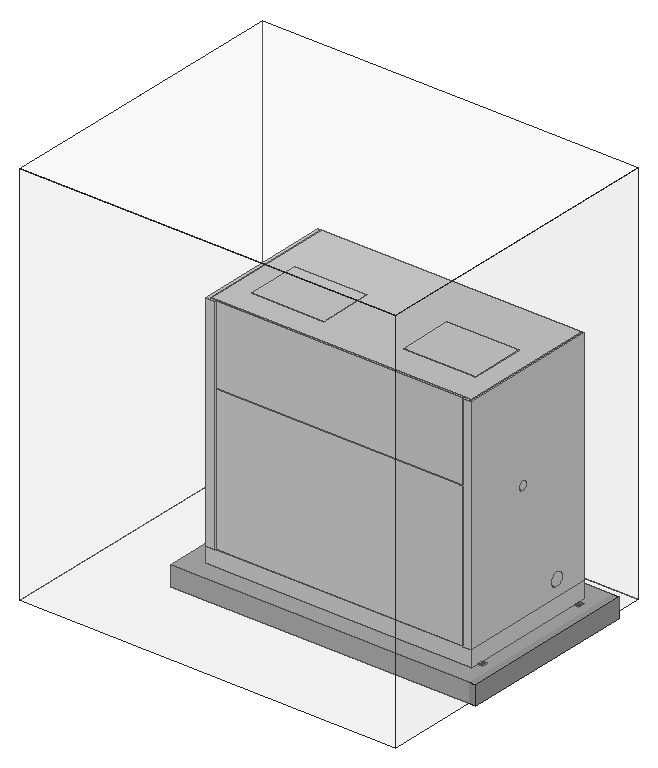
Revit family "pfav-p80_1600dmj1_3_60Hz", category 機械設備, Revit 2019
Family settings
  丸型コネクタ寸法 = 直径を使用
  パーツ タイプ = 標準
  OmniClass 番号 = 23.75.10.24.21.27.27
  OmniClass タイトル = Split System Air Conditioning Units
  作業面ベース = いいえ
  常に垂直 = はい
  ロード時にボイドで切り取り = いいえ
  共有 = いいえ
  部屋計算ポイント = いいえ
Parameters (values of type "PFAV-P1400DMJ3")
  風量（m3／min） = 450
  風量 = MAX風量  # 27000.0 m³/h
  音響パワーレベル(dB) = 77
  電源種別 = ""
  電圧_電気ヒーター = 0 V
  電圧 = 200 V
  電動機出力_送風機 = 15000 W
  電動機出力_圧縮機 = 0 W
  運転質量 = 0.00 kg
  連動 = ""
  質量 = if(製品質量 > 運転質量, 製品質量, 運転質量) * 1.2  # 778.80 kg
  負荷分類 = 3_ファン類
  説明 = "設備用パッケージエアコン 空冷床置形・冷暖兼用 ファシレアＤＤ"
  設計暖房能力 [instance] = 0 kW
  設計冷房能力_顕熱 [instance] = 0 kW
  設計冷房能力 [instance] = 0 kW
  設置方法 = "床置形"
  記号 [instance] = ""
  製造元 = "三菱電機株式会社"
  製品質量 = 649.00 kg
  製品出荷対象 = "国内"
  製品リリース年月 = "2024年5月13日"
  製品グループ = ""
  系統 [instance] = ""
  符号 = "PAC-FRV(J)"
  積算_科目 = "1 空気調和設備"
  積算_拾い区分 [instance] = ""
  相_電気ヒーター = 1
  相 = 3
  盤記号 [instance] = ""
  発停方法 = ""
  特殊仕様 [instance] = ""
  火災停止 = ""
  消費電力_電気ヒーター = 0 W
  消費電力_暖房 = 6090 W
  消費電力_加湿器 = 0 W
  消費電力_冷房 = 6090 W
  消費電力 = if(消費電力_冷房 > 消費電力_暖房, 消費電力_冷房, 消費電力_暖房) + 消費電力_加湿器 + 消費電力_電気ヒーター  # 6090 W
  法定耐用年数 = "15"
  機械基礎質量 [instance] = 0.00 kg
  機械基礎_W = 0 mm
  機械基礎_H = 150 mm
  機械基礎_D = 0 mm
  機械基礎 [instance] = no
  機外静圧 = 100.0 Pa
  極数 = 3
  材質 [instance] = ""
  本体マテリアル = none
  有効加湿量 = 0
  最小電線太さ_mm2 = 14
  最大電流値 = 42 A
  暖房能力 = 140 kW
  推奨ブレーカー容量 = 75 A
  形式_加湿器 = ""
  形式 = "床置（露出）立形"
  形名 = PFAV-P-DMJ : PFAV-P1400DMJ3
  幹線記号 [instance] = ""
  始動方式 = "直入"
  呼称 = "パッケージ形空気調和機_室内機"
  周波数 = 60 Hz
  台数_手元リモコン [instance] = ""
  台数_冷媒分岐ユニット [instance] = ""
  参照している仕様書等のバージョン = "公共建築工事標準仕様書（機械設備工事編）平成31年度版"
  加湿給水管径 = 43.00 mm
  分類コード = "50053003023020"
  分類グループ = ""
  冷房能力 = 122 kW
  冷媒高低圧ガス管径 = 0.00 mm
  冷媒管径符号 = "Ek"
  冷媒管径 = 100.00 mm
  冷媒液管径 = 19.05 mm
  冷媒ガス管径 = 38.10 mm
  価格 = 0
  企業コード = "108420"
  付属品_フィルター = ""
  付属品 [instance] = ""
  仕様書バージョン = "Version1.0"
  モデル = "PFAV-P1400DMJ3"
  ドレン管径 = 42.70 mm
  ダクト高 = 416 mm
  ダクト幅 = 554 mm
  サービススペース = yes
  コメント [instance] = ""
  Keynote = ""
  Width = 2045 mm
  Version = ""
  Uniclass2015Version = "Systems v1.9"
  Uniclass2015Title = "Split coil remote air cooled condensing units"
  Uniclass2015Code = "Pr_70_65_03_84"
  URL = "https://www.mitsubishielectric.co.jp/ldg/wink/qr/002/333196/"
  S寸法 = 150 mm
  SpecificationReference = ""
  SpecificationDescription = ""
  Revision = ""
  ProductInformation = ""
  OmniClassCode = "23-33 17 13 11"
  MAX風量 = 風量（m3／min） * 60.0 m³/h  # 27000.0 m³/h
  IfcTypeProduct = ""
  IfcProduct = ""
  IfcExportType = "AIRCONDITIONINGUNIT"
  IfcExportAs = "IfcUnitaryEquipmentType"
  Height = 1830 mm
  Depth = 1081 mm
  Clearance Top = 1000 mm
  Clearance Right = 100 mm
  Clearance Left = 750 mm
  Clearance Front = 850 mm
  Clearance Back = 400 mm
  COP = 0
  Author = "三菱電機株式会社"
  APF = 0
Types (11, lengths in mm): name | 風量（m3／min） | 風量 | 音響パワーレベル(dB) | 電動機出力_送風機 | 質量 | 製品質量 | 製品リリース年月 | 消費電力_暖房 | 消費電力_冷房 | 消費電力 | 機外静圧 | 最小電線太さ_mm2 | 最大電流値 | 暖房能力 | 推奨ブレーカー容量 | 形名 | 冷房能力 | 冷媒管径符号 | 冷媒液管径 | 冷媒ガス管径 | モデル | ドレン管径 | ダクト高 | ダクト幅 | Width | URL | MAX風量 | Height | Depth | Clearance Left | Clearance Front | Clearance Back
  PFAV-P80DMJ1 | 27 | 1620.0 m³/h | 61 | 1200 W | 145.20 kg | 121.00 kg | "2017年4月18日" | 150 W | 150 W | 150 W | 30.0 Pa | 1.6 | 5 A | 8 kW | 15 A | PFAV-P-DMJ : PFAV-P80DMJ1 | 7.1 kW | "Bd" | 9.52 | 15.88 | "PFAV-P80DMJ1" | 34.00 | 294 | 343 | 760 | "https://www.mitsubishielectric.co.jp/ldg/wink/ssl/displayProduct.do?pid=278603" | 1620.0 m³/h | 1730 | 485 | 100 | 800 | 50
  PFAV-P280DMJ3 | 90 | 5400.0 m³/h | 76 | 1200 W | 168.00 kg | 140.00 kg | "2024年5月13日" | 1150 W | 1150 W | 1150 W | 30.0 Pa | 1.6 | 5.8 A | 28 kW | 15 A | PFAV-P-DMJ : PFAV-P280DMJ3 | 25 kW | "Bf" | 9.52 | 22.20 | "PFAV-P280DMJ3" | 34.00 | 294 | 675 | 980 | "https://www.mitsubishielectric.co.jp/ldg/wink/qr/002/333190/" | 5400.0 m³/h | 1730 | 485 | 100 | 800 | 50
  PFAV-P450DMJ3 | 140 | 8400.0 m³/h | 75 | 2400 W | 288.00 kg | 240.00 kg | "2024年5月13日" | 1310 W | 1310 W | 1310 W | 30.0 Pa | 1.6 | 9.7 A | 45 kW | 15 A | PFAV-P-DMJ : PFAV-P450DMJ3 | 40 kW | "Ch" | 12.70 | 28.58 | "PFAV-P450DMJ3" | 34.00 | 444 | 1006 | 1200 | "https://www.mitsubishielectric.co.jp/ldg/wink/qr/002/333191/" | 8400.0 m³/h | 1897 | 635 | 100 | 800 | 50
  PFAV-P140DMJ1 | 45 | 2700.0 m³/h | 68 | 1200 W | 163.20 kg | 136.00 kg | "2017年4月18日" | 410 W | 410 W | 410 W | 30.0 Pa | 1.6 | 5 A | 14 kW | 15 A | PFAV-P-DMJ : PFAV-P140DMJ1 | 12.5 kW | "Bd" | 9.52 | 15.88 | "PFAV-P140DMJ1" | 34.00 | 294 | 343 | 760 | "https://www.mitsubishielectric.co.jp/ldg/wink/ssl/displayProduct.do?pid=278604" | 2700.0 m³/h | 1730 | 485 | 100 | 800 | 50
  PFAV-P224DMJ3 | 65 | 3900.0 m³/h | 68 | 1200 W | 163.20 kg | 136.00 kg | "2024年5月13日" | 510 W | 510 W | 510 W | 30.0 Pa | 1.6 | 5.8 A | 22.4 kW | 15 A | PFAV-P-DMJ : PFAV-P224DMJ3 | 20 kW | "Be" | 9.52 | 19.05 | "PFAV-P224DMJ3" | 34.00 | 294 | 675 | 980 | "https://www.mitsubishielectric.co.jp/ldg/wink/qr/002/333189/" | 3900.0 m³/h | 1730 | 485 | 100 | 800 | 50
  PFAV-P560DMJ3 | 165 | 9900.0 m³/h | 78 | 2400 W | 288.00 kg | 240.00 kg | "2024年5月13日" | 1690 W | 1690 W | 1690 W | 30.0 Pa | 1.6 | 9.7 A | 56 kW | 15 A | PFAV-P-DMJ : PFAV-P560DMJ3 | 50 kW | "Dh" | 15.88 | 28.58 | "PFAV-P560DMJ3" | 34.00 | 444 | 1006 | 1200 | "https://www.mitsubishielectric.co.jp/ldg/wink/qr/002/333192/" | 9900.0 m³/h | 1897 | 635 | 100 | 800 | 50
  PFAV-P670DMJ3 | 210 | 12600.0 m³/h | 77 | 7500 W | 508.80 kg | 424.00 kg | "2024年5月13日" | 2140 W | 2140 W | 2140 W | 100.0 Pa | 5.5 | 21 A | 63 kW | 40 A | PFAV-P-DMJ : PFAV-P670DMJ3 | 63 kW | "Dh" | 15.88 | 28.58 | "PFAV-P670DMJ3" | 42.70 | 416 | 554 | 1750 | "https://www.mitsubishielectric.co.jp/ldg/wink/qr/002/333193/" | 12600.0 m³/h | 1830 | 1081 | 750 | 800 | 400
  PFAV-P800DMJ3 | 260 | 15600.0 m³/h | 82 | 7500 W | 516.00 kg | 430.00 kg | "2024年5月13日" | 3640 W | 3640 W | 3640 W | 100.0 Pa | 5.5 | 21 A | 80 kW | 40 A | PFAV-P-DMJ : PFAV-P800DMJ3 | 71 kW | "Ei" | 19.05 | 31.75 | "PFAV-P800DMJ3" | 42.70 | 416 | 554 | 1750 | "https://www.mitsubishielectric.co.jp/ldg/wink/qr/002/333194/" | 15600.0 m³/h | 1830 | 1081 | 750 | 800 | 400
  PFAV-P1120DMJ3 | 340 | 20400.0 m³/h | 85 | 11000 W | 574.80 kg | 479.00 kg | "2024年5月13日" | 5960 W | 5960 W | 5960 W | 100.0 Pa | 8 | 32.4 A | 112 kW | 50 A | PFAV-P-DMJ : PFAV-P1120DMJ3 | 100 kW | "Ek" | 19.05 | 38.10 | "PFAV-P1120DMJ3" | 42.70 | 416 | 554 | 1750 | "https://www.mitsubishielectric.co.jp/ldg/wink/qr/002/333195/" | 20400.0 m³/h | 1830 | 1081 | 750 | 800 | 400
  PFAV-P1400DMJ3 | 450 | 27000.0 m³/h | 77 | 15000 W | 778.80 kg | 649.00 kg | "2024年5月13日" | 6090 W | 6090 W | 6090 W | 100.0 Pa | 14 | 42 A | 140 kW | 75 A | PFAV-P-DMJ : PFAV-P1400DMJ3 | 122 kW | "Ek" | 19.05 | 38.10 | "PFAV-P1400DMJ3" | 42.70 | 416 | 554 | 2045 | "https://www.mitsubishielectric.co.jp/ldg/wink/qr/002/333196/" | 27000.0 m³/h | 1830 | 1081 | 750 | 850 | 400
  PFAV-P1600DMJ3 | 520 | 31200.0 m³/h | 79 | 22000 W | 866.40 kg | 722.00 kg | "2024年5月13日" | 8420 W | 8420 W | 8420 W | 100.0 Pa | 22 | 64.8 A | 160 kW | 75 A | PFAV-P-DMJ : PFAV-P1600DMJ3 | 140 kW | "Ei" | 19.05 | 31.75 | "PFAV-P1600DMJ3" | 42.70 | 416 | 554 | 2045 | "https://www.mitsubishielectric.co.jp/ldg/wink/qr/002/333197/" | 31200.0 m³/h | 1830 | 1081 | 750 | 850 | 400
Reference planes
  plane 1: z = 0
  plane 2: z = 1980
  plane 3: z = 150
  plane 4: z = 2980
  plane 5 "中心(正面/背面)": y = -540.5
  plane 6 "中心(左/右)": x = 0
  plane 7 "左": x = -1022.5
  plane 8 "右": x = 1022.5
  plane 9 "正面": y = -1081
  plane 10 "背面": y = 0
  plane 11: y = 150
  plane 12: x = -1172.5
  plane 13: y = -1231
  plane 14: y = 400
  plane 15: y = -1931
  plane 16: x = -1772.5
  plane 17: x = 1122.5
  plane 18: x = 1172.5
Dimensions and locks
  "Height": plane 2 to plane 3
  "Clearance Top": plane 4 to plane 2
  "機械基礎_H": plane 3 to plane 1
  equal spacing: plane 7 "左", plane 6 "中心(左/右)", plane 8 "右"
  "Width": plane 7 "左" to plane 8 "右"
  equal spacing: plane 9 "正面", plane 5 "中心(正面/背面)", plane 10 "背面"
  "Depth": plane 9 "正面" to plane 10 "背面"
  "S寸法": plane 10 "背面" to plane 11
  "S寸法": plane 13 to plane 9 "正面"
  "S寸法": plane 12 to plane 7 "左"
  "Clearance Left": plane 16 to plane 7 "左"
  "Clearance Right": plane 8 "右" to plane 17
  "Clearance Front": plane 15 to plane 9 "正面"
  "Clearance Back": plane 10 "背面" to plane 14
  "S寸法": plane 8 "右" to plane 18
  nested 3 to plane 8 "右" = 175 mm
  nested 3 to plane 10 "背面" = 410 mm
  aligned and locked: level to plane 1
  aligned and locked: plane 13 to nested 1
  aligned and locked: plane 12 to nested 1
  aligned and locked: plane 11 to nested 1
  aligned and locked: plane 17 to nested 2
  aligned and locked: nested 2 to plane 15
  aligned and locked: nested 2 to plane 16
  aligned and locked: nested 2 to plane 14
  aligned and locked: plane 18 to nested 1
  aligned and locked: plane 4 to nested 2
  aligned and locked: plane 6 "中心(左/右)" to nested 3
  aligned and locked: plane 5 "中心(正面/背面)" to nested 3
Nested families
  nested 1: "機械基礎" at (0, -540.5, 0), type "機械基礎", detail levels fine
    with 機械基礎質量 184.68 kg, 機械基礎_W 2345 mm, 機械基礎_H 150 mm, 機械基礎_D 1381 mm
  nested 2: "サービススペース(PFAV-P-DMJ)" at (-325, -765.5, 1490), visible <- "サービススペース", type "サービススペース(PFAV-P-DMJ)"
    with Width 2895 mm, Height 2980 mm, Depth 2331 mm
  nested 3: "PFAV-P-DMJ" at (0, -540.5, 150), type <- "形名", マテリアル1 <- "本体マテリアル", type "PFAV-P1400DMJ3"
    with 表示 yes, マテリアル2 none, マテリアル1 none
Connectors
  electrical at (1025.5, -592, 1190), driven by "極数", driven by "負荷分類", driven by "電圧", driven by "消費電力"
    settings: on nested 3, index 3, voltage 200 V, apparent load 6090 VA, apparent load phase1 0 VA, apparent load phase2 0 VA, apparent load phase3 0 VA, power factor 1, load classification "3_ファン類", number of poles 3, system type 30, power factor state 1, is connector primary yes, connector utility no, sub classification motor no, connector description ""
  piping at (-1025.5, -265.5, 400), diameter 100, driven by "冷媒管径", driven by "冷媒管径符号"
    settings: on nested 3, index 4, connector inside diameter 609.60 mm, connector length 0 mm, flow factor 0, pipe flow 0.0 L/s, pressure drop 0.0 Pa, fitting loss kfactor 0, connector angle 0.00°, fixture units 0, engagement length 0 mm, angle of deflection 0.00°, flow configuration 1, flow direction 1, fitting loss method 4, system type 7, joint type 0, gender type 0, connector reference index -1, connector utility 0, adjustable connector no, is connector primary yes, connector description "Ek"
  piping at (-1025.5, -465.5, 400), diameter 100, driven by "冷媒管径", driven by "冷媒管径符号"
    settings: on nested 3, index 5, connector inside diameter 609.60 mm, connector length 0 mm, flow factor 0, pipe flow 0.0 L/s, pressure drop 0.0 Pa, fitting loss kfactor 0, connector angle 0.00°, fixture units 0, engagement length 0 mm, angle of deflection 0.00°, flow configuration 1, flow direction 1, fitting loss method 4, system type 7, joint type 0, gender type 0, connector reference index -1, connector utility 0, adjustable connector no, is connector primary no, connector description "Ek"
  piping at (-0.5, 1, 190), diameter 42.7, driven by "ドレン管径"
    settings: on nested 3, index 7, connector inside diameter 609.60 mm, connector length 0 mm, flow factor 0, pipe flow 0.0 L/s, pressure drop 0.0 Pa, fitting loss kfactor 0, connector angle 0.00°, fixture units 0, engagement length 0 mm, angle of deflection 0.00°, flow configuration 1, flow direction 2, fitting loss method 4, system type 16, joint type 0, gender type 0, connector reference index -1, connector utility 0, adjustable connector no, is connector primary no, connector description ""
  piping at (1025.5, -265.5, 400), diameter 100, driven by "冷媒管径", driven by "冷媒管径符号"
    settings: on nested 3, index 8, connector inside diameter 609.60 mm, connector length 0 mm, flow factor 0, pipe flow 0.0 L/s, pressure drop 0.0 Pa, fitting loss kfactor 0, connector angle 0.00°, fixture units 0, engagement length 0 mm, angle of deflection 0.00°, flow configuration 1, flow direction 1, fitting loss method 4, system type 7, joint type 0, gender type 0, connector reference index -1, connector utility 0, adjustable connector no, is connector primary no, connector description "Ek"
  piping at (1022.5, -465.5, 400), diameter 100, driven by "冷媒管径", driven by "冷媒管径符号"
    settings: on nested 3, index 9, connector inside diameter 609.60 mm, connector length 0 mm, flow factor 0, pipe flow 0.0 L/s, pressure drop 0.0 Pa, fitting loss kfactor 0, connector angle 0.00°, fixture units 0, engagement length 0 mm, angle of deflection 0.00°, flow configuration 1, flow direction 1, fitting loss method 4, system type 7, joint type 0, gender type 0, connector reference index -1, connector utility 0, adjustable connector no, is connector primary no, connector description "Ek"
  piping at (-1023.5, -314, 190), diameter 42.7, driven by "ドレン管径"
    settings: on nested 3, index 11, connector inside diameter 609.60 mm, connector length 0 mm, flow factor 0, pipe flow 0.0 L/s, pressure drop 0.0 Pa, fitting loss kfactor 0, connector angle 0.00°, fixture units 0, engagement length 0 mm, angle of deflection 0.00°, flow configuration 1, flow direction 2, fitting loss method 4, system type 16, joint type 0, gender type 0, connector reference index -1, connector utility 0, adjustable connector no, is connector primary no, connector description ""
  hvac at (570.5, -618, 1981), driven by "ダクト高", driven by "ダクト幅", driven by "機外静圧", driven by "風量"
    settings: on nested 3, index 12, duct flow 27000.0 m³/h, flow factor 0, pres drop 100.0 Pa, loss coef 0, conn angle 0.00°, conn width 554 mm, conn height 416 mm, conn diameter 609.6 mm, duct sys type 1, conn prof type 1, flow config 1, flow direction 2, loss method 4, conn ref index -1, conn util no, is conn primary yes, conn desc ""
  hvac at (-566.5, -659, 1981), driven by "ダクト高", driven by "ダクト幅", driven by "機外静圧", driven by "風量"
    settings: on nested 3, index 13, duct flow 27000.0 m³/h, flow factor 0, pres drop 100.0 Pa, loss coef 0, conn angle 0.00°, conn width 554 mm, conn height 416 mm, conn diameter 609.6 mm, duct sys type 1, conn prof type 1, flow config 1, flow direction 2, loss method 4, conn ref index -1, conn util no, is conn primary no, conn desc ""
Definition of nested family "機械基礎"
  Parameters (values of type "機械基礎")
    機械基礎質量 [instance] = 0.00 kg
    機械基礎_W [instance] = 1300 mm
    機械基礎_H [instance] = 150 mm
    機械基礎_D [instance] = 1300 mm
  Reference planes
    plane 1 "中心(正面/背面)": y = 0
    plane 2: z = 0
    plane 3 "中心(左/右)": x = 0
    plane 4: x = -650
    plane 5: y = -650
    plane 6: x = 650
    plane 7: y = 650
    plane 8: z = 150
  Forms (mm)
    Extrusion 1, solid, detail levels fine
      sketch origin (0, 0, 0) x (1, 0, 0) y (0, 1, 0)
        loop
          line (-650, -650) -> (650, -650) -> (650, 650) -> (-650, 650) -> (-650, -650)
      from 0 to 150
  Lines and regions (mm)
    symbolic lines, detail levels fine
      curve 1: line (-650, 650, 0) -> (650, 650, 0)
      curve 2: line (-650, -650, 0) -> (-650, 650, 0)
      curve 3: line (650, -650, 0) -> (-650, -650, 0)
      curve 4: line (650, 650, 0) -> (650, -650, 0)
    symbolic lines
      curve 5: line (-650, 0, 150) -> (650, 0, 150)
      curve 6: line (-650, 0, 0) -> (-650, 0, 150)
      curve 7: line (650, 0, 0) -> (-650, 0, 0)
      curve 8: line (650, 0, 150) -> (650, 0, 0)
      curve 9: line (0, -650, 150) -> (0, 650, 150)
      curve 10: line (0, -650, 0) -> (0, -650, 150)
      curve 11: line (0, 650, 0) -> (0, -650, 0)
      curve 12: line (0, 650, 150) -> (0, 650, 0)
  Dimensions and locks
    "機械基礎_H": plane 8 to plane 2
    "機械基礎_W": plane 4 to plane 6
    "機械基礎_D": plane 5 to plane 7
    equal spacing: plane 5, plane 1 "中心(正面/背面)", plane 7
    equal spacing: plane 4, plane 3 "中心(左/右)", plane 6
    aligned and locked: plane 6 to Extrusion 1
    aligned and locked: Extrusion 1 to plane 4
    aligned and locked: Extrusion 1 to plane 7
    aligned and locked: Extrusion 1 to plane 5
    aligned and locked: plane 8 to Extrusion 1
    aligned and locked: curve 1 to Extrusion 1
    aligned and locked: curve 2 to Extrusion 1
    aligned and locked: curve 3 to Extrusion 1
    aligned and locked: curve 4 to Extrusion 1
    aligned and locked: curve 5 to Extrusion 1
    aligned and locked: curve 6 to Extrusion 1
    aligned and locked: curve 7 to Extrusion 1
    aligned and locked: curve 8 to Extrusion 1
    aligned and locked: curve 9 to Extrusion 1
    aligned and locked: curve 10 to Extrusion 1
    aligned and locked: curve 11 to Extrusion 1
    aligned and locked: curve 12 to Extrusion 1
  Automatic sketch dimensions
    Extrusion 1 sketch curve to plane 4 = 0 mm
    Extrusion 1 sketch curve to plane 6 = 0 mm
    plane 5 to Extrusion 1 sketch curve = 0 mm
    plane 7 to Extrusion 1 sketch curve = 0 mm
Definition of nested family "サービススペース(PFAV-P-DMJ)"
  Parameters (values of type "サービススペース")
    Width [instance] = 500 mm
    Height [instance] = 500 mm
    Depth [instance] = 500 mm
  Reference planes
    plane 1 "中心(正面/背面)": y = 0
    plane 2: z = 0
    plane 3 "中心(左/右)": x = 0
    plane 4: y = -250
    plane 5: x = 250
    plane 6: y = 250
    plane 7: x = -250
    plane 8: z = 250
    plane 9: z = -250
  Forms (mm)
    Extrusion 1, solid
      sketch origin (-638.939, 0, 72.39) x (1, 0, 0) y (0, 1, 0)
        loop
          line (388.939, 250) -> (388.939, -250) -> (888.939, -250) -> (888.939, 250) -> (388.939, 250)
      from -322.39 to 177.61
  Lines and regions (mm)
    symbolic lines
      curve 1: line (-250, 0, 250) -> (250, 0, 250)
      curve 2: line (-250, 0, -250) -> (-250, 0, 250)
      curve 3: line (250, 0, -250) -> (-250, 0, -250)
      curve 4: line (250, 0, 250) -> (250, 0, -250)
      curve 5: line (0, -250, 250) -> (0, 250, 250)
      curve 6: line (0, -250, -250) -> (0, -250, 250)
      curve 7: line (0, 250, -250) -> (0, -250, -250)
      curve 8: line (0, 250, 250) -> (0, 250, -250)
      curve 9: line (-250, 250, 0) -> (250, 250, 0)
      curve 10: line (-250, -250, 0) -> (-250, 250, 0)
      curve 11: line (250, -250, 0) -> (-250, -250, 0)
      curve 12: line (250, 250, 0) -> (250, -250, 0)
  Dimensions and locks
    equal spacing: plane 7, plane 3 "中心(左/右)", plane 5
    equal spacing: plane 4, plane 1 "中心(正面/背面)", plane 6
    "Depth": plane 4 to plane 6
    "Width": plane 7 to plane 5
    equal spacing: plane 8, plane 2, plane 9
    "Height": plane 8 to plane 9
    aligned and locked: plane 9 to curve 3
    aligned and locked: plane 7 to curve 2
    aligned and locked: curve 4 to plane 5
    aligned and locked: plane 5 to Extrusion 1
    aligned and locked: Extrusion 1 to plane 7
    aligned and locked: Extrusion 1 to plane 9
    aligned and locked: plane 8 to Extrusion 1
    aligned and locked: plane 9 to curve 7
  Automatic sketch dimensions
    plane 4 to Extrusion 1 sketch curve = 0 mm
    Extrusion 1 sketch curve to plane 7 = 0 mm
    Extrusion 1 sketch curve to plane 5 = 0 mm
    plane 6 to Extrusion 1 sketch curve = 0 mm
    curve 2 to plane 8 = 0 mm
    plane 4 to curve 11 = 0 mm
    curve 11 to plane 7 = 0 mm
    curve 11 to plane 5 = 0 mm
    plane 6 to curve 10 = 0 mm
    curve 7 to plane 4 = 0 mm
    curve 7 to plane 6 = 0 mm
    curve 6 to plane 8 = 0 mm
Definition of nested family "PFAV-P-DMJ"
  Parameters (values of type "PFAV-P1600DMJ3")
    液径 = 19.05 mm
    液②-D = 673 mm
    液-W = 0 mm
    液-H = 255 mm
    液①-D = 863 mm
    吹出口表示 = yes
    冷媒配管② = yes
    冷媒径 = 100 mm
    ドレン② = yes
    ドレン① = no
    ガス②-D = 769 mm
    ①高 = 1830 mm
    電源径 = 62 mm
    電源-W = 0 mm
    電源-H = 1040 mm
    電源-D = 489 mm
    表示 [instance] = yes
    ①幅 = 2045 mm
    ①奥行 = 1081 mm
    吊りボルト径 = 20 mm
    吊りボルト-W = 2101 mm
    吊りボルト-D = 931 mm
    吊りボルト-H = 0 mm
    ガス径 = 31.75 mm
    ガス-W = 0 mm
    ガス-H = 245 mm
    ガス①-D = 958 mm
    マテリアル2 [instance] = none
    マテリアル1 [instance] = none
    ドレン径 = 42.7 mm
    ドレン-W = 1023 mm
    ドレン-H = 40 mm
    ドレン-D = 314 mm
    w = 554 mm
    k = 451 mm
    j = 583 mm
    h = 1 mm
    f = 0 mm
    e = 600 mm
    c = 3 mm
    d = 416 mm
    b = 175 mm
    a = 410 mm
  Types (11, lengths in mm): name | 液径 | 液②-D | 液-H | 液①-D | 吹出口表示 | 冷媒配管② | ドレン② | ドレン① | ガス②-D | ①高 | 電源径 | 電源-H | 電源-D | ①幅 | ①奥行 | 吊りボルト径 | 吊りボルト-W | 吊りボルト-D | ガス径 | ガス-H | ガス①-D | ドレン径 | ドレン-W | ドレン-H | ドレン-D | w | k | j | h | c | d | b | a
    PFAV-P80DMJ1 | 9.52 | 49 | 172 | 249 | no | no | no | yes | 49 | 1730 | 27 | 262 | 326 | 760 | 485 | 12 | 806 | 300 | 15.88 | 262 | 249 | 34 | 200 | 54 | 240 | 343 | 19 | 0 | 20 | 10 | 294 | 236 | 42
    PFAV-P140DMJ1 | 9.52 | 49 | 172 | 249 | no | no | no | yes | 49 | 1730 | 27 | 262 | 326 | 760 | 485 | 12 | 806 | 300 | 15.88 | 262 | 249 | 34 | 200 | 54 | 240 | 343 | 19 | 0 | 20 | 10 | 294 | 236 | 42
    PFAV-P224DMJ3 | 9.52 | 451 | 172 | 251 | no | no | no | yes | 451 | 1730 | 27 | 262 | 328 | 980 | 485 | 12 | 1026 | 300 | 19.05 | 262 | 251 | 34 | 200 | 54 | 240 | 675 | 22 | 0 | 20 | 10 | 294 | 191 | 41
    PFAV-P280DMJ3 | 9.52 | 451 | 172 | 251 | no | no | no | yes | 451 | 1730 | 27 | 262 | 328 | 980 | 485 | 12 | 1026 | 300 | 22.2 | 262 | 251 | 34 | 200 | 54 | 240 | 675 | 22 | 0 | 20 | 10 | 294 | 191 | 41
    PFAV-P450DMJ3 | 12.7 | 444 | 203 | 244 | no | no | no | yes | 328 | 1897 | 37 | 249 | 475 | 1200 | 635 | 12 | 1246 | 440 | 28.58 | 209 | 128 | 34 | 200 | 54 | 314 | 1006 | 24 | 0 | 3 | 10 | 444 | 97 | 44
    PFAV-P560DMJ3 | 15.88 | 444 | 203 | 244 | no | no | no | yes | 328 | 1897 | 37 | 249 | 475 | 1200 | 635 | 12 | 1246 | 440 | 28.58 | 209 | 128 | 34 | 200 | 54 | 314 | 1006 | 24 | 0 | 3 | 10 | 444 | 97 | 44
    PFAV-P670DMJ3 | 15.88 | 608 | 255 | 408 | no | no | yes | no | 513 | 1830 | 62 | 1040 | 592 | 1750 | 1081 | 15 | 1806 | 931 | 28.58 | 245 | 313 | 42.7 | 875 | 40 | 314 | 554 | 412 | 0 | 1 | 3 | 416 | 512 | 412
    PFAV-P800DMJ3 | 19.05 | 608 | 255 | 408 | no | no | yes | no | 513 | 1830 | 62 | 1040 | 592 | 1750 | 1081 | 15 | 1806 | 931 | 31.75 | 245 | 313 | 42.7 | 875 | 40 | 314 | 554 | 412 | 0 | 1 | 3 | 416 | 512 | 412
    PFAV-P1120DMJ3 | 19.05 | 608 | 255 | 408 | no | no | yes | no | 513 | 1830 | 62 | 1040 | 592 | 1750 | 1081 | 15 | 1806 | 931 | 38.1 | 245 | 313 | 42.7 | 875 | 40 | 314 | 554 | 412 | 0 | 1 | 3 | 416 | 512 | 412
    PFAV-P1400DMJ3 | 19.05 | 608 | 255 | 408 | yes | no | yes | no | 323 | 1830 | 62 | 1040 | 592 | 2045 | 1081 | 20 | 2101 | 931 | 38.1 | 245 | 123 | 42.7 | 1023 | 40 | 314 | 554 | 451 | 583 | 1 | 3 | 416 | 175 | 410
    PFAV-P1600DMJ3 | 19.05 | 673 | 255 | 863 | yes | yes | yes | no | 769 | 1830 | 62 | 1040 | 489 | 2045 | 1081 | 20 | 2101 | 931 | 31.75 | 245 | 958 | 42.7 | 1023 | 40 | 314 | 554 | 451 | 583 | 1 | 3 | 416 | 175 | 410
  Reference planes
    plane 1 "中心(正面/背面)": y = 0
    plane 2: z = 0
    plane 3 "中心(左/右)": x = 0
    plane 4: x = 1022.5
    plane 5: x = -1022.5
    plane 6: y = 540.5
    plane 7: y = -540.5
    plane 8: z = 1831
    plane 9: z = 1230
    plane 10: z = 1830
    plane 11: z = 120
    plane 12: y = 465.5
    plane 13: y = -465.5
    plane 14: x = 1050.5
    plane 15: x = -1050.5
    plane 16: y = 130.5
    plane 17: y = -460.5
    plane 18: z = 40
    plane 19: z = 1040
    plane 20: y = -322.5
    plane 21: z = 255
    plane 22: z = 245
    plane 23: z = 1829
    plane 24: y = -417.5
    plane 25: x = 1002.5
    plane 26: x = -1002.5
    plane 27: z = 1227
    plane 28: y = -520.5
    plane 29: x = -952.5
    plane 30: x = 952.5
    plane 31: y = -537.5
    plane 32: x = 1062.5
    plane 33: x = -1062.5
    plane 34: y = 485.5
    plane 35: y = 445.5
    plane 36: y = -445.5
    plane 37: y = -485.5
    plane 38: y = 130.5
    plane 39: z = 5
    plane 40: x = 847.5
    plane 41: x = 847.5
    plane 42: x = 293.5
    plane 43: x = 293.5
    plane 44: y = -285.5
    plane 45: y = -285.5
    plane 46: y = 226.5
    plane 47: y = 51.5
    plane 48: x = 1025.5
    plane 49: y = -370
    plane 50: z = 250
    plane 51: x = -1023.5
    plane 52: y = 541.5
    plane 53: x = -0.5
    plane 54: x = -1025.5
    plane 55: y = 77.5
    plane 56 "液②-D": y = -132.5
    plane 57 "ガス②-D": y = -228.5
    plane 58: y = -180.5
    plane 59: x = -289.5
    plane 60: x = -843.5
    plane 61: y = 89.5
    plane 62: y = -326.5
  Forms (mm)
    Extrusion 1, solid, material <- "マテリアル1", visible <- "表示", detail levels fine
      sketch origin (0, 0, -400) x (1, 0, 0) y (0, 1, 0)
        loop
          line (952.5, -520.5) -> (-952.5, -520.5) -> (-952.5, -537.5) -> (952.5, -537.5) -> (952.5, -520.5)
      from 1630 to 2230
    Extrusion 2, solid, material <- "マテリアル1", visible <- "表示", detail levels fine
      sketch origin (0, 0, -800) x (1, 0, 0) y (0, 1, 0)
        loop
          line (-952.5, -537.5) -> (952.5, -537.5) -> (952.5, -520.5) -> (-952.5, -520.5) -> (-952.5, -537.5)
      from 920 to 2027
    Extrusion 3, solid, material <- "マテリアル2", visible <- "表示", detail levels fine
      sketch origin (0, 0, 0) x (1, 0, 0) y (0, 1, 0)
        loop
          line (1022.5, 485.5) -> (1022.5, 445.5) -> (1062.5, 445.5) -> (1062.5, 485.5) -> (1022.5, 485.5)
        loop
          line (1022.5, -445.5) -> (1022.5, -485.5) -> (1062.5, -485.5) -> (1062.5, -445.5) -> (1022.5, -445.5)
        loop
          line (-1062.5, 485.5) -> (-1062.5, 445.5) -> (-1022.5, 445.5) -> (-1022.5, 485.5) -> (-1062.5, 485.5)
        loop
          line (-1062.5, -445.5) -> (-1062.5, -485.5) -> (-1022.5, -485.5) -> (-1022.5, -445.5) -> (-1062.5, -445.5)
        loop
          circle (-1050.5, 465.5) r 10
        loop
          circle (1050.5, 465.5) r 10
        loop
          circle (1050.5, -465.5) r 10
        loop
          circle (-1050.5, -465.5) r 10
      from 0 to 5
    Extrusion 4, solid, material <- "マテリアル2", visible <- "表示", detail levels fine
      sketch origin (0, -1140, 0) x (0, -1, 0) y (1, 0, 0)
        loop
          line (-1270.5, 847.5) -> (-1270.5, 293.5) -> (-854.5, 293.5) -> (-854.5, 847.5) -> (-1270.5, 847.5)
      from 1830 to 1831
    Extrusion 5, solid, material <- "マテリアル1", visible <- "表示", detail levels fine
      sketch origin (-1437.329, -1524, 1831) x (-1, 0, 0) y (0, -1, 0)
        loop
          line (-414.829, -2064.5) -> (-414.829, -983.5) -> (-484.829, -983.5) -> (-484.829, -1003.5) -> (-434.829, -1003.5) -> (-434.829, -2064.5) -> (-414.829, -2064.5)
        loop
          line (-2439.829, -2064.5) -> (-2439.829, -1003.5) -> (-2389.829, -1003.5) -> (-2389.829, -983.5) -> (-2459.829, -983.5) -> (-2459.829, -2064.5) -> (-2439.829, -2064.5)
      from -1711 to -1
    Extrusion 6, solid, material <- "マテリアル1", visible <- "表示", detail levels fine
      sketch origin (-1437.329, -1524, 1831) x (-1, 0, 0) y (0, -1, 0)
        loop
          line (-2439.829, -2064.5) -> (-434.829, -2064.5) -> (-434.829, -1003.5) -> (-2439.829, -1003.5) -> (-2439.829, -2064.5)
      from -1711 to -1
    Extrusion 7, solid, material <- "マテリアル2", visible <- "表示", detail levels fine
      sketch origin (-1437.329, -1524, 1831) x (-1, 0, 0) y (0, -1, 0)
        loop
          line (-414.829, -2064.5) -> (-414.829, -983.5) -> (-2459.829, -983.5) -> (-2459.829, -2064.5) -> (-414.829, -2064.5)
      from -1831 to -1711
    Extrusion 8, solid, material <- "マテリアル2", visible <- "表示", detail levels fine
      sketch origin (1022.5, 1296.25, 1200) x (0, 1, 0) y (0, 0, 1)
        loop
          circle (-1244.75, -160) r 31
      from 0 to 3
    Extrusion 9, solid, material <- "マテリアル1", visible <- "表示", detail levels fine
      sketch origin (1022.5, 1296.25, 1200) x (0, 1, 0) y (0, 0, 1)
        loop
          circle (-1666.25, -950) r 50
      from 0 to 3
    Extrusion 10, solid, material <- "マテリアル1", visible <- "ドレン①", detail levels fine
      sketch origin (-1022.5, 1296.25, 1200) x (0, 1, 0) y (0, 0, 1)
        loop
          circle (-1069.75, -1160) r 21.35
      from -1 to 0
    Extrusion 11, solid, material <- "マテリアル1", visible <- "ドレン②", detail levels fine
      sketch origin (1480.036, -537.5, 2000) x (1, 0, 0) y (0, 0, 1)
        loop
          circle (-1480.536, -1960) r 21.35
      from -1079 to -1078
    Extrusion 12, solid, material <- "マテリアル1", visible <- "表示", detail levels fine
      sketch origin (-1022.5, 1296.25, 1200) x (0, 1, 0) y (0, 0, 1)
        loop
          circle (-1244.75, -160) r 31
      from -3 to 0
    Extrusion 13, solid, material <- "マテリアル1", visible <- "表示", detail levels fine
      sketch origin (-1022.5, 1296.25, 1200) x (0, 1, 0) y (0, 0, 1)
        loop
          circle (-1666.25, -950) r 50
      from -3 to 0
    Extrusion 14, solid, material <- "マテリアル1", visible <- "冷媒配管②", detail levels fine
      sketch origin (1022.5, 1296.25, 1200) x (0, 1, 0) y (0, 0, 1)
        loop
          circle (-1476.75, -950) r 50
      from 0 to 3
    Extrusion 15, solid, material <- "マテリアル1", visible <- "冷媒配管②", detail levels fine
      sketch origin (-1022.5, 1296.25, 1200) x (0, 1, 0) y (0, 0, 1)
        loop
          circle (-1476.75, -950) r 50
      from -3 to 0
    Extrusion 16, solid, material <- "マテリアル1", visible <- "吹出口表示", detail levels fine
      sketch origin (-1437.329, -1524, 1831) x (-1, 0, 0) y (0, -1, 0)
        loop
          line (-593.829, -1613.5) -> (-593.829, -1197.5) -> (-1147.829, -1197.5) -> (-1147.829, -1613.5) -> (-593.829, -1613.5)
      from -1 to 0
  Lines and regions (mm)
    Masking region 1, visible <- "表示", detail levels coarse+medium
      outline origin (0, 0, 0) x (1, 0, 0) y (0, 1, 0)
        loop
          line (-1022.5, 540.5) -> (-1022.5, -540.5) -> (1022.5, -540.5) -> (1022.5, 540.5) -> (-1022.5, 540.5)
    symbolic lines, visible <- "表示"
      curve 1: line (-1022.5, 540.5, 1831) -> (-1022.5, -540.5, 1831)
      curve 2: line (-1022.5, -540.5, 1831) -> (1022.5, -540.5, 1831)
      curve 3: line (1022.5, -540.5, 1831) -> (1022.5, 540.5, 1831)
      curve 4: line (1022.5, 540.5, 1831) -> (-1022.5, 540.5, 1831)
      curve 5: line (293.5, 130.5, 1831) -> (293.5, -285.5, 1831)
      curve 6: line (293.5, -285.5, 1831) -> (847.5, -285.5, 1831)
      curve 7: line (847.5, -285.5, 1831) -> (847.5, 130.5, 1831)
      curve 8: line (847.5, 130.5, 1831) -> (293.5, 130.5, 1831)
  Dimensions and locks
    equal spacing: plane 7, plane 1 "中心(正面/背面)", plane 6
    "①奥行": plane 7 to plane 6
    equal spacing: plane 5, plane 3 "中心(左/右)", plane 4
    "①幅": plane 5 to plane 4
    locked: plane 11 to level at 120
    equal spacing: plane 13, plane 1 "中心(正面/背面)", plane 12
    "吊りボルト-D": plane 13 to plane 12
    equal spacing: plane 15, plane 3 "中心(左/右)", plane 14
    "吊りボルト-W": plane 15 to plane 14
    "a": plane 16 to plane 6
    locked: plane 7 to plane 17 at 80
    "ドレン-H": plane 18 to level
    "電源-H": plane 19 to level
    "液-H": plane 21 to level
    "e": plane 10 to plane 9
    "ガス-H": plane 22 to level
    "h": plane 8 to plane 10
    locked: plane 8 to plane 23 at 2
    locked: plane 5 to plane 26 at 20
    locked: plane 25 to plane 4 at 20
    "c": plane 9 to plane 27
    locked: plane 7 to plane 28 at 20
    locked: plane 26 to plane 29 at 50
    locked: plane 30 to plane 25 at 50
    locked: plane 7 to plane 31 at 3
    locked: plane 33 to plane 5 at 40
    locked: plane 4 to plane 32 at 40
    plane 37 to plane 13 to plane 36 = 20 mm locked, 20 mm locked
    plane 35 to plane 12 to plane 34 = 20 mm locked, 20 mm locked
    "f": plane 38 to plane 16
    locked: plane 39 to level at 5
    "b": plane 40 to plane 4
    "f": plane 43 to plane 42
    "f": plane 41 to plane 40
    "w": plane 42 to plane 41
    "f": plane 44 to plane 45
    "d": plane 45 to plane 38
    "①高": plane 10 to level
    "液①-D": plane 20 to plane 6
    "ガス①-D": plane 24 to plane 6
    "ドレン-D": plane 46 to plane 6
    "電源-D": plane 47 to plane 6
    locked: plane 4 to plane 48 at 3
    equal spacing: plane 24, plane 49, plane 20
    equal spacing: plane 21, plane 50, plane 22
    locked: plane 51 to plane 5 at 1
    locked: plane 6 to plane 52 at 1
    "ドレン-W": plane 53 to plane 4
    locked: plane 54 to plane 5 at 3
    "液②-D": plane 6 to plane 56 "液②-D"
    "ガス②-D": plane 6 to plane 57 "ガス②-D"
    equal spacing: plane 56 "液②-D", plane 58, plane 57 "ガス②-D"
    "j": plane 59 to plane 43
    "w": plane 60 to plane 59
    "k": plane 61 to plane 6
    "d": plane 62 to plane 61
    "吊りボルト径": diameter of Extrusion 3 sketch curve  (x4)
    "電源径": diameter of Extrusion 8 sketch curve
    "冷媒径": diameter of Extrusion 9 sketch curve
    "ドレン径": diameter of Extrusion 10 sketch curve
    "ドレン径": diameter of Extrusion 11 sketch curve
    "電源径": diameter of Extrusion 12 sketch curve
    "冷媒径": diameter of Extrusion 13 sketch curve
    "冷媒径": diameter of Extrusion 14 sketch curve
    "冷媒径": diameter of Extrusion 15 sketch curve
    aligned and locked: level to plane 2
    aligned and locked: plane 13 to nested 1
    aligned and locked: plane 14 to nested 1
    aligned and locked: plane 15 to nested 1
    aligned and locked: nested 1 to plane 12
    aligned and locked: Extrusion 2 to plane 11
    aligned and locked: Extrusion 1 to plane 9
    aligned and locked: Extrusion 5 to plane 11
    aligned and locked: Extrusion 4 to plane 10
    aligned and locked: plane 10 to Extrusion 5
    aligned and locked: plane 10 to Extrusion 1
    aligned and locked: plane 27 to Extrusion 2
    aligned and locked: Extrusion 2 sketch curve to plane 28
    aligned and locked: Extrusion 5 sketch curve to plane 7  (x2)
    aligned and locked: Extrusion 5 sketch curve to plane 29
    aligned and locked: Extrusion 5 sketch curve to plane 30
    aligned and locked: Extrusion 5 sketch curve to plane 25
    aligned and locked: plane 28 to Extrusion 5 sketch curve  (x2)
    aligned and locked: Extrusion 2 sketch curve to plane 29
    aligned and locked: Extrusion 2 sketch curve to plane 30
    aligned and locked: plane 31 to Extrusion 2 sketch curve
    aligned and locked: Extrusion 1 sketch curve to plane 30
    aligned and locked: Extrusion 1 sketch curve to plane 29
    aligned and locked: Extrusion 1 sketch curve to plane 28
    aligned and locked: Extrusion 1 sketch curve to plane 31
    aligned and locked: Extrusion 6 sketch curve to plane 6
    aligned and locked: Extrusion 6 sketch curve to plane 26
    aligned and locked: Extrusion 6 sketch curve to plane 28
    aligned and locked: Extrusion 6 sketch curve to plane 25
    aligned and locked: plane 10 to Extrusion 6
    aligned and locked: Extrusion 6 to plane 11
    aligned and locked: plane 34 to Extrusion 3 sketch curve  (x2)
    aligned and locked: plane 4 to Extrusion 3 sketch curve  (x2)
    aligned and locked: Extrusion 3 sketch curve to plane 35  (x2)
    aligned and locked: Extrusion 3 sketch curve to plane 32  (x2)
    aligned and locked: plane 36 to Extrusion 3 sketch curve  (x2)
    aligned and locked: Extrusion 3 sketch curve to plane 37  (x2)
    aligned and locked: plane 33 to Extrusion 3 sketch curve  (x2)
    aligned and locked: Extrusion 3 sketch curve to plane 5  (x2)
    aligned and locked: plane 12 to Extrusion 3 sketch curve  (x2)
    aligned and locked: plane 15 to Extrusion 3 sketch curve  (x2)
    aligned and locked: plane 13 to Extrusion 3 sketch curve  (x2)
    aligned and locked: plane 14 to Extrusion 3 sketch curve  (x2)
    aligned and locked: Extrusion 3 to level
    aligned and locked: plane 39 to Extrusion 3
    aligned and locked: Extrusion 7 sketch curve to Extrusion 5
    aligned and locked: Extrusion 7 sketch curve to Extrusion 6
    aligned and locked: Extrusion 7 to level
    aligned and locked: plane 11 to Extrusion 7
    aligned and locked: Extrusion 4 sketch curve to plane 38
    aligned and locked: Extrusion 4 sketch curve to plane 45
    aligned and locked: Extrusion 4 sketch curve to plane 41
    aligned and locked: Extrusion 4 sketch curve to plane 42
    aligned and locked: Masking region 1 sketch curve to Extrusion 7
    aligned and locked: Masking region 1 sketch curve to Extrusion 5
    aligned and locked: Masking region 1 sketch curve to plane 7
    aligned and locked: Masking region 1 sketch curve to plane 4
    aligned and locked: curve 1 to Masking region 1
    aligned and locked: curve 3 to Masking region 1
    aligned and locked: curve 4 to Masking region 1
    aligned and locked: plane 47 to Extrusion 8 sketch curve
    aligned and locked: plane 19 to Extrusion 8 sketch curve
    aligned and locked: Extrusion 8 to plane 4
    aligned and locked: plane 48 to Extrusion 8
    aligned and locked: plane 49 to Extrusion 9 sketch curve
    aligned and locked: plane 50 to Extrusion 9 sketch curve
    aligned and locked: Extrusion 9 to plane 4
    aligned and locked: plane 48 to Extrusion 9
    aligned and locked: plane 5 to Extrusion 5 sketch curve
    aligned and locked: plane 4 to Extrusion 5 sketch curve
    aligned and locked: Extrusion 7 sketch curve to plane 7
    aligned and locked: plane 4 to Extrusion 7 sketch curve
    aligned and locked: plane 46 to Extrusion 10 sketch curve
    aligned and locked: plane 18 to Extrusion 10 sketch curve
    aligned and locked: Extrusion 10 to plane 51
    aligned and locked: plane 5 to Extrusion 10
    aligned and locked: plane 18 to Extrusion 11 sketch curve
    aligned and locked: plane 53 to Extrusion 11 sketch curve
    aligned and locked: Extrusion 11 to plane 52
    aligned and locked: plane 6 to Extrusion 11
    aligned and locked: plane 47 to Extrusion 12 sketch curve
    aligned and locked: plane 50 to Extrusion 13 sketch curve
    aligned and locked: plane 49 to Extrusion 13 sketch curve
    aligned and locked: plane 54 to Extrusion 13
    aligned and locked: plane 5 to Extrusion 13
    aligned and locked: Extrusion 12 to Extrusion 13
    aligned and locked: plane 5 to Extrusion 12
    aligned and locked: plane 58 to Extrusion 14 sketch curve
    aligned and locked: plane 50 to Extrusion 14 sketch curve
    aligned and locked: plane 54 to Extrusion 15
    aligned and locked: plane 5 to Extrusion 15
    aligned and locked: Extrusion 14 to plane 4
    aligned and locked: plane 48 to Extrusion 14
    aligned and locked: plane 50 to Extrusion 15 sketch curve
    aligned and locked: plane 58 to Extrusion 15 sketch curve
    aligned and locked: plane 19 to Extrusion 12 sketch curve
    aligned and locked: plane 8 to Extrusion 4
    aligned and locked: plane 61 to Extrusion 16 sketch curve
    aligned and locked: plane 60 to Extrusion 16 sketch curve
    aligned and locked: Extrusion 16 sketch curve to plane 62
    aligned and locked: Extrusion 16 sketch curve to plane 59
    aligned and locked: Extrusion 16 to plane 10
    aligned and locked: plane 8 to Extrusion 16
  Automatic sketch dimensions
    Extrusion 5 sketch curve to plane 26 = 0 mm
    plane 6 to Extrusion 5 sketch curve = 0 mm  (x2)
    plane 28 to Extrusion 2 sketch curve = 0 mm
    plane 7 to curve 2 = 0 mm
    plane 16 to curve 7 = 0 mm
    curve 7 to plane 40 = 0 mm
    curve 5 to plane 43 = 0 mm
    plane 44 to curve 7 = 0 mm
  Nested families
    nested 1: "固定点" at (-1050.5, -465.5, 0), visible <- "表示", type "固定点", detail levels fine
      with W 2101 mm, D 931 mm
  Definition of nested family "固定点"
    Parameters (values of type "固定点")
      中心円 = 20 mm
      W [instance] = 1000 mm
      D [instance] = 1000 mm
    Reference planes
      plane 1 "中心(正面/背面)": y = 0
      plane 2: z = 0
      plane 3 "中心(左/右)": x = 0
      plane 4: x = 1000
      plane 5: y = 1000
    Lines and regions (mm)
      symbolic lines, detail levels fine
        curve 1: circle (0, 1000, 0) r 10 normal (0, 0, 1)
        curve 2: circle (0, 0, 0) r 10 normal (0, 0, 1)
        curve 3: circle (1000, 1000, 0) r 10 normal (0, 0, 1)
        curve 4: circle (1000, 0, 0) r 10 normal (0, 0, 1)
        curve 5: line (-200, 1000, 0) -> (1200, 1000, 0)
        curve 6: line (-200, 0, 0) -> (1200, 0, 0)
        curve 7: line (0, 1200, 0) -> (0, -200, 0)
        curve 8: line (1000, 1200, 0) -> (1000, -200, 0)
    Dimensions and locks
      "W": plane 3 "中心(左/右)" to plane 4
      "D": plane 1 "中心(正面/背面)" to plane 5
      "中心円": diameter of curve 1
      "中心円": diameter of curve 2
      "中心円": diameter of curve 3
      "中心円": diameter of curve 4
      aligned and locked: level to plane 2
      aligned and locked: plane 5 to curve 1
      aligned and locked: plane 3 "中心(左/右)" to curve 1
      aligned and locked: plane 3 "中心(左/右)" to curve 2
      aligned and locked: plane 1 "中心(正面/背面)" to curve 2
      aligned and locked: plane 4 to curve 3
      aligned and locked: plane 5 to curve 3
      aligned and locked: plane 1 "中心(正面/背面)" to curve 4
      aligned and locked: plane 4 to curve 4
      aligned and locked: plane 1 "中心(正面/背面)" to curve 6
      aligned and locked: curve 7 to plane 3 "中心(左/右)"
      aligned and locked: curve 8 to plane 4
    Automatic sketch dimensions
      curve 5 to plane 5 = 0 mm
      curve 6 to plane 3 "中心(左/右)" = 200 mm
      curve 5 to plane 3 "中心(左/右)" = 200 mm
      curve 4 to curve 6 = 200 mm
      curve 3 to curve 5 = 200 mm
      plane 1 "中心(正面/背面)" to curve 8 = 200 mm
      plane 1 "中心(正面/背面)" to curve 7 = 200 mm
      curve 3 to curve 8 = 200 mm
      curve 1 to curve 7 = 200 mm
